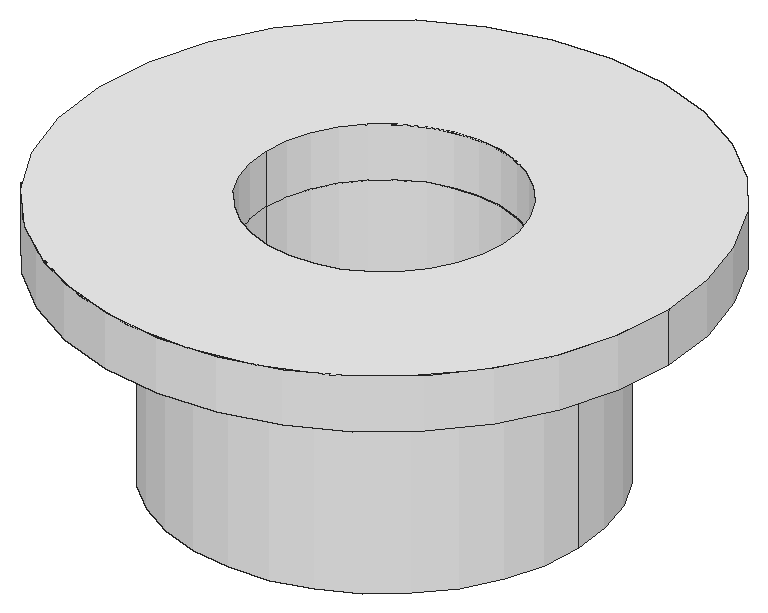
Revit family "Lighting-Recessed-Lucifer-LPK", category Lighting Fixtures, host Face, Revit 2016
Family settings
  Host = Face
  Part Type = Normal
  Round Connector Dimension = Use Diameter
  Cut with Voids When Loaded = No
  Light Source = Yes
  Shared = No
  Room Calculation Point = No
Parameters
  Wattage = 9.2903 W
  built-in parameter 1150110 = 1 (stored number, unit not read)
  Voltage = 0 V
  URL = "http://www.luciferlighting.com/"
  built-in parameter 1114217 = 1 (stored number, unit not read)
  Tilt Angle = -90.00°
  built-in parameter 1150109 = 1 (stored number, unit not read)
  built-in parameter 1150134 = 3
  built-in parameter 1150113 = 1 (stored number, unit not read)
  Power Factor = 1
  Photometric Web File = "Load File"
  Number of Poles = 1
  built-in parameter 1150142 = (empty or 0)
  Model = "LPK"
  Manufacturer = "Lucifer Lighting"
  built-in parameter 1150105 = 109.82 (stored number, unit not read)
  Lumens = 1380 lm
  built-in parameter 1150115 = 1 (stored number, unit not read)
  built-in parameter 1150137 = (empty or 0)
  built-in parameter 1150139 = (empty or 0)
  built-in parameter 1150112 = 1 (stored number, unit not read)
  built-in parameter 1150114 = 1 (stored number, unit not read)
  Lamp = "LED"
  built-in parameter 1150132 = (empty or 0)
  built-in parameter 1150102 = (empty or 0)
  built-in parameter 1150107 = 3200 (stored number, unit not read)
  built-in parameter 1150138 = (empty or 0)
  built-in parameter 1150106 = 1.0982 (stored number, unit not read)
  Emit from Circle Diameter = 0' - 1 179/256"
  Emit Shape Visible in Rendering = no
  built-in parameter 1150104 = 13.8 (stored number, unit not read)
  Dimming Lamp Color Temperature Shift = (empty or 0)
  Description = "Recessed Downlight"
  Default Elevation = 4' - 0"
  Color Filter = 16777215
  built-in parameter 1114218 = 1 (stored number, unit not read)
  built-in parameter 1150133 = 10 (stored number, unit not read)
  Apparent Load = 0 VA
Reference planes (in)
  plane 1 "Center (Front/Back)": y = 0
  plane 2: z = 0
  plane 3 "Center (Left/Right)": x = 0
  plane 4: z = -6.5
  plane 5: y = 4.75
  plane 6: y = -4.75
  plane 7: x = 9
  plane 8: x = -9
  plane 9: z = 0.21
  plane 10: z = -0.6
Forms (in)
  Extrusion 1, solid, material "Trim Finish"
    sketch origin (0, 0, 0) x (1, 0, 0) y (0, 1, 0)
      loop
        circle (0, 0) r 1.2
      loop
        circle (0, 0) r 0.5
    from 0 to 0.21
  Extrusion 2, void
    sketch origin (0, 0, 0) x (1, 0, 0) y (0, 1, 0)
      loop
        circle (0, 0) r 0.81964
    from -0.8255 to 0.21
  Extrusion 3, solid, material "Housing"
    sketch origin (0, 0, 0) x (1, 0, 0) y (0, 1, 0)
      loop
        circle (0, 0) r 0.81964
    from -0.8255 to 0
  Extrusion 4, void
    sketch origin (0, 0, 0) x (1, 0, 0) y (0, 1, 0)
      loop
        circle (0, 0) r 0.5
    from -0.69505 to 0.21
Cuts and joins
  Extrusion 4 cuts Extrusion 1
  Extrusion 4 cuts Extrusion 3
Dimensions and locks (in)
  host face to plane 4 = 0' - 6 1/2"
  aligned and locked: plane 2 to host face
  aligned and locked: level to host face
  aligned and locked: Extrusion 1 to Extrusion 2
  aligned and locked: level to Extrusion 3
Connectors (in)
  electrical at (0, 0, -0.8255), driven by "Number of Poles", driven by "Voltage", driven by "Apparent Load", driven by "Power Factor"
    settings: on cut or joined group of Extrusion 3, Extrusion 4, index 1, voltage 0 V, apparent load 0 VA, apparent load phase1 0 VA, apparent load phase2 0 VA, apparent load phase3 0 VA, power factor 1, load classification "Other", number of poles 1, system type 31, power factor state 1, is connector primary yes, connector utility no, sub classification motor no, connector description ""
